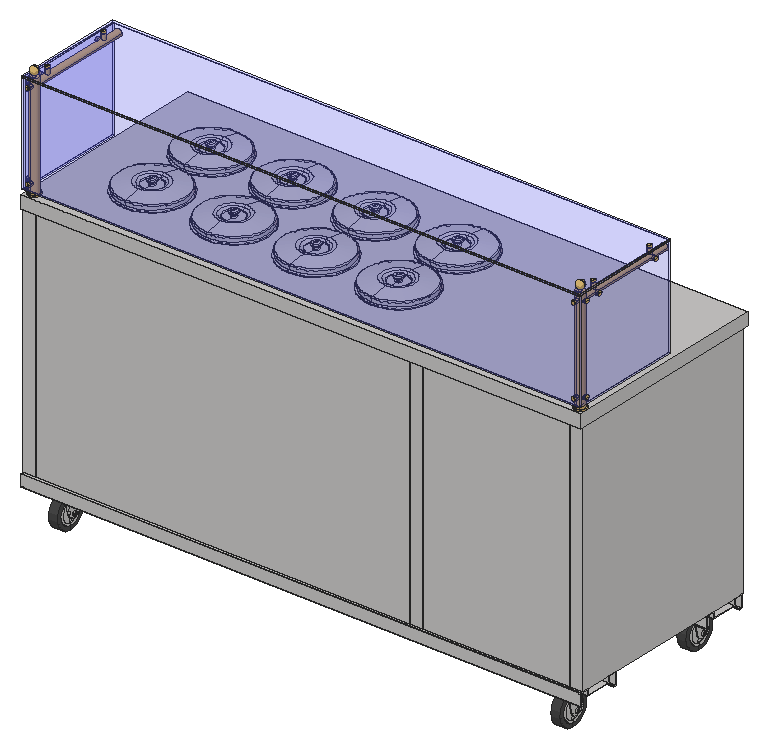
Revit family "Food-Service-Equipment_Oscartek_PPozzetti_PS8", category Specialty Equipment, Revit 2026
Family settings
  Round Connector Dimension = Use Diameter
  Part Type = Normal
  Classification Number = 23.40.40.11.17
  Work Plane-Based = No
  Enable Cutting in Views = No
  Always vertical = Yes
  Cut with Voids When Loaded = No
  Maintain Annotation Orientation = No
  Shared = No
  Room Calculation Point = No
Parameters
  Weight in Pounds = 519
  Watts = if(Phase = 3, Volts * FL Amps * 1.73, Volts * FL Amps)  # 862.5 W
  Waste Water Discharge Temperature = 0 °F
  Volts = 115 V
  URL Cutsheet = "www.oscartek.com"
  URL = "www.oscartek.com"
  Type Comments = "As Specified"
  Test Data = "http://www.oscartek.com/company/clients.php"
  Specification by User = ""
  Specification by Manufacturer = ""
  Specification = "https://www.arcat.com/arcatcos/cos48/arc48760.html"
  Show Sneeze Guard [instance] = yes
  Show Legs [instance] = not(Show Casters)  # no
  Show Casters [instance] = yes
  Serial Number = ""
  Seismic Rating = ""
  Sales Information = "http://www.oscartek.com/company/contact.php"
  SMACNA No = ""
  Revision Code = ""
  Revision = "R1_2018-10"
  Refrigerant Volume = 0.00 kip
  Refrigerant Type = "R404A"
  Product Data = "http://www.oscartek.com/support/manuals/"
  Phase = 1
  Number of Poles = 1
  NAFEM Spec ID Number = ""
  Model = "POZZETTI PS8"
  Min Ckt Ampacity = 0 A
  Max Overcurrent Protection = 0 A
  Masterspec = ""
  Manufacturer Website = "http://www.oscartek.com/index.php"
  Manufacturer Phone - Toll Free = "855-885-2400"
  Manufacturer Phone = "650-342-2400"
  Manufacturer Fax = "650-342-7400"
  Manufacturer Address = "361 Beach Rd., Burlingame, CA 94010"
  Manufacturer = "OSCARTEK"
  Length = 68.90"
  Item Number = ""
  Installed By = ""
  Installation-Fabrication = "http://www.oscartek.com/support/manuals/"
  Indirect Waste Size = 1/2"
  Indirect Waste Flow = 0 GPM
  Indirect Waste Connection Type = ""
  Indirect Waste Connection Height = 0.00"
  Identify Quantity as Lot = yes
  Height = 36.65347"
  HP = ""
  Green Building-LEED = "https://www.arcat.com/green/green_building.shtml"
  Furnished By = ""
  Foodservice Equipment Identifier = yes
  FL Amps = 7.5 A
  Elec Conn RI Height = 0.00"
  Elec Conn Connection Height = 0.00"
  Drawn By = "Sumex Design, Inc. / Robert S. Weygant, CSI, CDT, SCIP"
  Description = "POZZETTI WITH STORAGE (SELF CONTAINED)"
  Depth = 25.79"
  Default Elevation = 0.00"
  Cycle = 60 Hz
  Copyright = "©Arcat Inc."
  Construction Details = "http://www.oscartek.com/support/manuals/"
  Conn Plug = ""
  Conn Conduit = yes
  Category = ""
  CSI MasterFormat = "11 41 13"
  Building Codes = "https://www.arcat.com/arcatcos/cos48/arc48760.html"
  BTUH = 0.0 Btu/h
  Apparent Power = 0 VA
Reference planes (in)
  plane 1 "BACK": y = 0
  plane 2: z = 0
  plane 3 "LEFT": x = 0
  plane 4 "RIGHT": x = 68.9
  plane 5 "FRONT": y = -25.79
  plane 6 "TOP": z = 36.65347
  plane 7 "Center Y": x = 34.45
  plane 8 "Center X": y = -12.895
  plane 9: z = 4.37401
  plane 10: z = 50.65347
  plane 11: x = 65.35907
  plane 12: x = 64.86244
Forms (in)
  Extrusion 1, solid, material "QF_Metal - Stainless - Polished"
    sketch origin (0, 0, 0) x (0, 1, 0) y (0, 0, 1)
      loop
        line (0, 36.65347) -> (-25.79, 36.65347) -> (-25.79, 35.07867) -> (0, 35.07867) -> (0, 36.65347)
    from 0 to 68.9
  Extrusion 2, solid, material "QF_Metal - Stainless - Polished"
    sketch origin (0, 0, 0) x (0, 1, 0) y (0, 0, 1)
      loop
        line (-25.75344, 5.84644) -> (-24.73376, 5.84644) -> (-24.73376, 5.16928)
        arc (-24.73376, 5.16928) -> (-24.71416, 5.12196) -> (-24.66683, 5.10235) r 0.06693
        line (-24.66683, 5.10235) -> (-21.44601, 5.10235)
        arc (-21.44601, 5.10235) -> (-21.39894, 5.12185) -> (-21.37944, 5.16893) r 0.06658
        line (-21.37944, 5.16893) -> (-21.37944, 5.84644) -> (-20.35975, 5.84644) -> (-20.35975, 4.43306) -> (-20.72196, 4.43306) -> (-20.72196, 4.37401) -> (-20.36915, 4.37401)
        arc (-20.36915, 4.37401) -> (-20.32075, 4.39406) -> (-20.3007, 4.44246) r 0.06845
        line (-20.3007, 4.44246) -> (-20.3007, 5.84188)
        arc (-20.3007, 5.84188) -> (-20.31933, 5.88687) -> (-20.36432, 5.9055) r 0.06362
        line (-20.36432, 5.9055) -> (-21.37029, 5.9055)
        arc (-21.37029, 5.9055) -> (-21.41852, 5.88552) -> (-21.43849, 5.83729) r 0.06821
        line (-21.43849, 5.83729) -> (-21.43849, 5.16141) -> (-24.67471, 5.16141) -> (-24.67471, 5.83857)
        arc (-24.67471, 5.83857) -> (-24.69431, 5.8859) -> (-24.74164, 5.9055) r 0.06693
        line (-24.74164, 5.9055) -> (-25.74557, 5.9055)
        arc (-25.74557, 5.9055) -> (-25.7929, 5.8859) -> (-25.8125, 5.83857) r 0.06693
        line (-25.8125, 5.83857) -> (-25.8125, 4.43787)
        arc (-25.8125, 4.43787) -> (-25.7938, 4.39271) -> (-25.74864, 4.37401) r 0.06386
        line (-25.74864, 4.37401) -> (-25.39124, 4.37401) -> (-25.39124, 4.43306) -> (-25.75344, 4.43306) -> (-25.75344, 5.84644)
    from 0 to 68.9
  Extrusion 3, solid, material "QF_Metal - Stainless - Polished"
    sketch origin (0, -25.79, 0) x (0, -1, 0) y (0, 0, -1)
      loop
        line (-24.80029, -5.84644) -> (-24.80029, -4.43306) -> (-24.43808, -4.43306) -> (-24.43808, -4.37401) -> (-24.79548, -4.37401)
        arc (-24.79548, -4.37401) -> (-24.84064, -4.39271) -> (-24.85934, -4.43787) r 0.06386
        line (-24.85934, -4.43787) -> (-24.85934, -5.83857)
        arc (-24.85934, -5.83857) -> (-24.83974, -5.8859) -> (-24.79241, -5.9055) r 0.06693
        line (-24.79241, -5.9055) -> (-23.78848, -5.9055)
        arc (-23.78848, -5.9055) -> (-23.74115, -5.8859) -> (-23.72155, -5.83857) r 0.06693
        line (-23.72155, -5.83857) -> (-23.72155, -5.16141) -> (-20.48533, -5.16141) -> (-20.48533, -5.83729)
        arc (-20.48533, -5.83729) -> (-20.46536, -5.88552) -> (-20.41713, -5.9055) r 0.06821
        line (-20.41713, -5.9055) -> (-19.41116, -5.9055)
        arc (-19.41116, -5.9055) -> (-19.36617, -5.88687) -> (-19.34754, -5.84188) r 0.06362
        line (-19.34754, -5.84188) -> (-19.34754, -4.44246)
        arc (-19.34754, -4.44246) -> (-19.36759, -4.39406) -> (-19.41599, -4.37401) r 0.06845
        line (-19.41599, -4.37401) -> (-19.7688, -4.37401) -> (-19.7688, -4.43306) -> (-19.4066, -4.43306) -> (-19.4066, -5.84644) -> (-20.42628, -5.84644) -> (-20.42628, -5.16893)
        arc (-20.42628, -5.16893) -> (-20.44578, -5.12185) -> (-20.49285, -5.10235) r 0.06658
        line (-20.49285, -5.10235) -> (-23.71367, -5.10235)
        arc (-23.71367, -5.10235) -> (-23.761, -5.12196) -> (-23.7806, -5.16928) r 0.06693
        line (-23.7806, -5.16928) -> (-23.7806, -5.84644) -> (-24.80029, -5.84644)
    from 0 to 68.9
  Extrusion 4, solid, material "QF_Plastic - Black - Smooth"
    sketch origin (0, -0.81255, 35.07867) x (0, 0, -1) y (-1, 0, 0)
      loop
        line (6.11123, -62.86267) -> (6.11123, -53.70489) -> (5.324, -53.70489) -> (5.324, -62.86267) -> (6.11123, -62.86267)
      loop
        line (7.063, -62.86267) -> (7.063, -53.70489) -> (6.27577, -53.70489) -> (6.27577, -62.86267) -> (7.063, -62.86267)
      loop
        line (8.01477, -62.86267) -> (8.01477, -53.70489) -> (7.22754, -53.70489) -> (7.22754, -62.86267) -> (8.01477, -62.86267)
      loop
        line (8.96654, -62.86267) -> (8.96654, -53.70489) -> (8.17931, -53.70489) -> (8.17931, -62.86267) -> (8.96654, -62.86267)
      loop
        line (9.91831, -62.86267) -> (9.91831, -54.70489) -> (9.13108, -53.91766) -> (9.13108, -62.86267) -> (9.91831, -62.86267)
      loop
        line (10.87008, -62.86267) -> (10.87008, -55.65666) -> (10.08285, -54.86943) -> (10.08285, -62.86267) -> (10.87008, -62.86267)
      loop
        line (11.82185, -62.86267) -> (11.82185, -56.60843) -> (11.03462, -55.8212) -> (11.03462, -62.86267) -> (11.82185, -62.86267)
      loop
        line (22.06743, -63.67423) -> (22.06743, -52.94128) -> (21.2802, -52.94128) -> (21.2802, -63.67423) -> (22.06743, -63.67423)
      loop
        line (23.0192, -63.67423) -> (23.0192, -52.94128) -> (22.23197, -52.94128) -> (22.23197, -63.67423) -> (23.0192, -63.67423)
      loop
        line (23.97097, -63.67423) -> (23.97097, -52.94128) -> (23.18374, -52.94128) -> (23.18374, -63.67423) -> (23.97097, -63.67423)
      loop
        line (24.92274, -63.67423) -> (24.92274, -52.94128) -> (24.13551, -52.94128) -> (24.13551, -63.67423) -> (24.92274, -63.67423)
      loop
        line (25.87451, -63.67423) -> (25.87451, -52.94128) -> (25.08728, -52.94128) -> (25.08728, -63.67423) -> (25.87451, -63.67423)
      loop
        line (26.82628, -63.67423) -> (26.82628, -52.94128) -> (26.03905, -52.94128) -> (26.03905, -63.67423) -> (26.82628, -63.67423)
      loop
        line (27.77805, -63.67423) -> (27.77805, -52.94128) -> (26.99082, -52.94128) -> (26.99082, -63.67423) -> (27.77805, -63.67423)
      loop
        line (28.72982, -63.67423) -> (28.72982, -52.94128) -> (27.94259, -52.94128) -> (27.94259, -63.67423) -> (28.72982, -63.67423)
      loop
        line (19.21212, -63.67423) -> (19.21212, -54.78676) -> (18.42489, -55.57399) -> (18.42489, -63.67423) -> (19.21212, -63.67423)
      loop
        line (20.16389, -63.67423) -> (20.16389, -53.83499) -> (19.37666, -54.62222) -> (19.37666, -63.67423) -> (20.16389, -63.67423)
      loop
        line (21.11566, -63.67423) -> (21.11566, -52.88322) -> (20.32843, -53.67045) -> (20.32843, -63.67423) -> (21.11566, -63.67423)
    from 0 to 0.06
  Extrusion 5, solid, material "QF_Metal - Stainless - Polished"
    sketch origin (1.5748, 0, 35.07867) x (0, 0, -1) y (0, 1, 0)
      loop
        line (0, -25.4188) -> (29.17317, -25.4188) -> (29.17317, -23.8488) -> (0, -23.8488) -> (0, -25.4188)
      loop
        line (0, -0.81255) -> (0, -2.38255) -> (29.17317, -2.38255) -> (29.17317, -0.81255) -> (0, -0.81255)
    from 0 to 46.04322
  Extrusion 6, solid, material "QF_Metal - Stainless - Polished"
    sketch origin (0, 0, 0) x (1, 0, 0) y (0, 0, 1)
      loop
        line (0, 35.07867) -> (0, 5.9055) -> (1.5748, 5.9055) -> (1.5748, 35.07867) -> (0, 35.07867)
      loop
        line (68.9, 35.07867) -> (67.3252, 35.07867) -> (67.3252, 5.9055) -> (68.9, 5.9055) -> (68.9, 35.07867)
      loop
        line (49.2125, 35.07867) -> (47.61802, 35.07867) -> (47.61802, 5.9055) -> (49.2125, 5.9055) -> (49.2125, 35.07867)
    from 0.81255 to 25.4188
  Blend 7, solid, material "QF_Metal - Stainless - Polished", not visible
    base sketch origin (1.5748, -0.56255, 35.07867) x (0, 0, -1) y (-1, 0, 0)
      loop
        line (24.38762, -13.45273) -> (25.29732, -13.45273) -> (25.29732, -8.87006) -> (24.38762, -8.87006) -> (24.38762, -13.45273)
    top sketch origin (1.5748, -0.56255, 35.07867) x (0, 0, -1) y (-1, 0, 0)
      loop
        line (24.25582, -14.78344) -> (25.47516, -14.78344)
        arc (25.47516, -14.78344) -> (25.5751, -14.74204) -> (25.6165, -14.6421) r 0.14133
        line (25.6165, -14.6421) -> (25.6165, -7.64149)
        arc (25.6165, -7.64149) -> (25.58658, -7.56927) -> (25.51436, -7.53935) r 0.10214
        line (25.51436, -7.53935) -> (24.26614, -7.53935)
        arc (24.26614, -7.53935) -> (24.19557, -7.56858) -> (24.16634, -7.63915) r 0.0998
        line (24.16634, -7.63915) -> (24.16634, -14.69396)
        arc (24.16634, -14.69396) -> (24.19255, -14.75723) -> (24.25582, -14.78344) r 0.08948
    from 0 to -0.25
  Extrusion 8, solid, material "QF_Plastic - Black - Smooth", not visible
    sketch origin (19.685, -0.56255, 35.07867) x (0, 0, -1) y (-1, 0, 0)
      loop
        line (24.38762, 6.75975) -> (25.29732, 6.75975) -> (25.29732, 9.24014) -> (24.38762, 9.24014) -> (24.38762, 6.75975)
      loop
        line (24.78346, 6.88188) -> (24.78346, 7.40943) -> (24.4112, 7.40943) -> (24.4112, 6.88188) -> (24.78346, 6.88188)
      loop
        line (24.78346, 7.49211) -> (24.78346, 8.01967) -> (24.4112, 8.01967) -> (24.4112, 7.49211) -> (24.78346, 7.49211)
      loop
        line (24.78346, 8.10234) -> (24.78346, 8.6299) -> (24.4112, 8.6299) -> (24.4112, 8.10234) -> (24.78346, 8.10234)
      loop
        line (24.78346, 8.68478) -> (24.78346, 9.21234) -> (24.4112, 9.21234) -> (24.4112, 8.68478) -> (24.78346, 8.68478)
      loop
        line (25.27827, 6.88188) -> (25.27827, 7.40943) -> (24.90601, 7.40943) -> (24.90601, 6.88188) -> (25.27827, 6.88188)
      loop
        line (25.27827, 7.49211) -> (25.27827, 8.01967) -> (24.90601, 8.01967) -> (24.90601, 7.49211) -> (25.27827, 7.49211)
      loop
        line (25.27827, 8.10234) -> (25.27827, 8.6299) -> (24.90601, 8.6299) -> (24.90601, 8.10234) -> (25.27827, 8.10234)
      loop
        line (25.27827, 8.68478) -> (25.27827, 9.21234) -> (24.90601, 9.21234) -> (24.90601, 8.68478) -> (25.27827, 8.68478)
    from 0 to 0.06
  Extrusion 9, solid, material "Glass", not visible
    sketch origin (19.685, -0.56255, 35.07867) x (0, 0, -1) y (-1, 0, 0)
      loop
        line (24.38762, 4.65747) -> (25.29732, 4.65747) -> (25.29732, 6.75975) -> (24.38762, 6.75975) -> (24.38762, 4.65747)
    from 0 to 0.06
  Extrusion 10, solid, material "QF_Metal - Stainless - Polished", not visible
    sketch origin (19.685, -0.56255, 35.07867) x (0, 0, -1) y (-1, 0, 0)
      loop
        line (24.78346, 6.88188) -> (24.78346, 7.40943) -> (24.4112, 7.40943) -> (24.4112, 6.88188) -> (24.78346, 6.88188)
      loop
        line (24.78346, 7.49211) -> (24.78346, 8.01967) -> (24.4112, 8.01967) -> (24.4112, 7.49211) -> (24.78346, 7.49211)
      loop
        line (24.78346, 8.10234) -> (24.78346, 8.6299) -> (24.4112, 8.6299) -> (24.4112, 8.10234) -> (24.78346, 8.10234)
      loop
        line (24.78346, 8.68478) -> (24.78346, 9.21234) -> (24.4112, 9.21234) -> (24.4112, 8.68478) -> (24.78346, 8.68478)
      loop
        line (25.27827, 6.88188) -> (25.27827, 7.40943) -> (24.90601, 7.40943) -> (24.90601, 6.88188) -> (25.27827, 6.88188)
      loop
        line (25.27827, 7.49211) -> (25.27827, 8.01967) -> (24.90601, 8.01967) -> (24.90601, 7.49211) -> (25.27827, 7.49211)
      loop
        line (25.27827, 8.10234) -> (25.27827, 8.6299) -> (24.90601, 8.6299) -> (24.90601, 8.10234) -> (25.27827, 8.10234)
      loop
        line (25.27827, 8.68478) -> (25.27827, 9.21234) -> (24.90601, 9.21234) -> (24.90601, 8.68478) -> (25.27827, 8.68478)
    from 0 to 0.06
  Extrusion 11, solid, material "QF_Metal - Stainless - Polished"
    sketch origin (67.3252, 0, 5.9055) x (0, -1, 0) y (-1, 0, 0)
      loop
        circle (21.7404, 40.77586) r 0.69
      loop
        circle (21.7404, 42.27586) r 0.59055
      loop
        circle (12.92899, 23.03251) r 0.64961
    from 0 to 0.25
  Extrusion 12, solid, material "QF_Metal - Stainless - Polished"
    sketch origin (55.88071, 0, 35.07867) x (0, 0, -1) y (0, -1, 0)
      loop
        line (0, 25.4188) -> (0, 23.8488) -> (29.17317, 23.8488) -> (29.17317, 25.4188) -> (0, 25.4188)
      loop
        line (0, 0.81255) -> (29.17317, 0.81255) -> (29.17317, 2.38255) -> (0, 2.38255) -> (0, 0.81255)
    from -11.44449 to 6.66821
  Revolve 13, solid, material "QF_Metal - Stainless - Polished"
    sketch origin (9.52596, -32.60166, 48) x (0, -1, 0) y (0, 0, -1)
      loop
        line (-24.274, 9.78644) -> (-24.274, 11.34653) -> (-28.52581, 11.34653) -> (-28.52581, 11.25062)
        arc (-28.52581, 11.25062) -> (-28.48148, 11.15381) -> (-28.37922, 11.12412) r 0.12788
        line (-28.37922, 11.12412) -> (-28.37922, 10.68909)
        arc (-28.37922, 10.68909) -> (-28.35573, 10.62456) -> (-28.29626, 10.59022) r 0.10039
        line (-28.29626, 10.59022) -> (-26.25566, 10.23042)
        arc (-26.25566, 10.23042) -> (-26.06652, 10.23455) -> (-25.89334, 10.31074) r 0.48492
        line (-25.89334, 10.31074) -> (-25.59574, 10.5191)
        arc (-25.59574, 10.5191) -> (-25.56282, 10.53533) -> (-25.52654, 10.54091) r 0.12066
        line (-25.52654, 10.54091) -> (-24.6152, 10.54091)
        arc (-24.6152, 10.54091) -> (-24.54194, 10.51057) -> (-24.51159, 10.4373) r 0.10361
        line (-24.51159, 10.4373) -> (-24.51159, 10.28122)
        arc (-24.51159, 10.28122) -> (-24.52633, 10.23067) -> (-24.56594, 10.19597) r 0.09403
        line (-24.56594, 10.19597) -> (-24.75443, 10.10823)
        arc (-24.75443, 10.10823) -> (-24.79272, 10.07469) -> (-24.80698, 10.02582) r 0.09091
        line (-24.80698, 10.02582) -> (-24.80698, 9.98805)
        arc (-24.80698, 9.98805) -> (-24.79119, 9.93395) -> (-24.7488, 9.89681) r 0.10064
        line (-24.7488, 9.89681) -> (-24.5332, 9.79648)
        arc (-24.5332, 9.79648) -> (-24.51107, 9.78898) -> (-24.48784, 9.78644) r 0.10753
        line (-24.48784, 9.78644) -> (-24.274, 9.78644)
      axis (-24.274, 11.34653) -> (-24.274, 9.78644)
    angle from 0 to 360
  Revolve 14, solid, material "QF_Metal - Stainless - Polished"
    sketch origin (19.54068, 6.99916, 48) x (0, 1, 0) y (0, 0, 1)
      loop
        line (-24.39607, -9.78644) -> (-24.60991, -9.78644)
        arc (-24.60991, -9.78644) -> (-24.63314, -9.78898) -> (-24.65527, -9.79648) r 0.10753
        line (-24.65527, -9.79648) -> (-24.87087, -9.89681)
        arc (-24.87087, -9.89681) -> (-24.91326, -9.93395) -> (-24.92905, -9.98805) r 0.10064
        line (-24.92905, -9.98805) -> (-24.92905, -10.02582)
        arc (-24.92905, -10.02582) -> (-24.91479, -10.07469) -> (-24.8765, -10.10823) r 0.09091
        line (-24.8765, -10.10823) -> (-24.68801, -10.19597)
        arc (-24.68801, -10.19597) -> (-24.6484, -10.23067) -> (-24.63366, -10.28122) r 0.09403
        line (-24.63366, -10.28122) -> (-24.63366, -10.4373)
        arc (-24.63366, -10.4373) -> (-24.66401, -10.51057) -> (-24.73727, -10.54091) r 0.10361
        line (-24.73727, -10.54091) -> (-25.64861, -10.54091)
        arc (-25.64861, -10.54091) -> (-25.68489, -10.53533) -> (-25.71781, -10.5191) r 0.12066
        line (-25.71781, -10.5191) -> (-26.01541, -10.31074)
        arc (-26.01541, -10.31074) -> (-26.18859, -10.23455) -> (-26.37773, -10.23042) r 0.48492
        line (-26.37773, -10.23042) -> (-28.41833, -10.59022)
        arc (-28.41833, -10.59022) -> (-28.4778, -10.62456) -> (-28.50129, -10.68909) r 0.10039
        line (-28.50129, -10.68909) -> (-28.50129, -11.12412)
        arc (-28.50129, -11.12412) -> (-28.60355, -11.15381) -> (-28.64788, -11.25062) r 0.12788
        line (-28.64788, -11.25062) -> (-28.64788, -11.34653) -> (-24.39607, -11.34653) -> (-24.39607, -9.78644)
      axis (-24.39607, -11.34653) -> (-24.39607, -9.78644)
    angle from 0 to 360
  Revolve 15, solid, material "QF_Metal - Stainless - Polished"
    sketch origin (19.54068, -32.60166, 48) x (0, -1, 0) y (0, 0, -1)
      loop
        line (-24.274, 9.78644) -> (-24.274, 11.34653) -> (-28.52581, 11.34653) -> (-28.52581, 11.25062)
        arc (-28.52581, 11.25062) -> (-28.48148, 11.15381) -> (-28.37922, 11.12412) r 0.12788
        line (-28.37922, 11.12412) -> (-28.37922, 10.68909)
        arc (-28.37922, 10.68909) -> (-28.35573, 10.62456) -> (-28.29626, 10.59022) r 0.10039
        line (-28.29626, 10.59022) -> (-26.25566, 10.23042)
        arc (-26.25566, 10.23042) -> (-26.06652, 10.23455) -> (-25.89334, 10.31074) r 0.48492
        line (-25.89334, 10.31074) -> (-25.59574, 10.5191)
        arc (-25.59574, 10.5191) -> (-25.56282, 10.53533) -> (-25.52654, 10.54091) r 0.12066
        line (-25.52654, 10.54091) -> (-24.6152, 10.54091)
        arc (-24.6152, 10.54091) -> (-24.54194, 10.51057) -> (-24.51159, 10.4373) r 0.10361
        line (-24.51159, 10.4373) -> (-24.51159, 10.28122)
        arc (-24.51159, 10.28122) -> (-24.52633, 10.23067) -> (-24.56594, 10.19597) r 0.09403
        line (-24.56594, 10.19597) -> (-24.75443, 10.10823)
        arc (-24.75443, 10.10823) -> (-24.79272, 10.07469) -> (-24.80698, 10.02582) r 0.09091
        line (-24.80698, 10.02582) -> (-24.80698, 9.98805)
        arc (-24.80698, 9.98805) -> (-24.79119, 9.93395) -> (-24.7488, 9.89681) r 0.10064
        line (-24.7488, 9.89681) -> (-24.5332, 9.79648)
        arc (-24.5332, 9.79648) -> (-24.51107, 9.78898) -> (-24.48784, 9.78644) r 0.10753
        line (-24.48784, 9.78644) -> (-24.274, 9.78644)
      axis (-24.274, 11.34653) -> (-24.274, 9.78644)
    angle from 0 to 360
  Revolve 16, solid, material "QF_Metal - Stainless - Polished"
    sketch origin (9.48884, 6.99916, 48) x (0, 1, 0) y (0, 0, 1)
      loop
        line (-24.39607, -9.78644) -> (-24.60991, -9.78644)
        arc (-24.60991, -9.78644) -> (-24.63314, -9.78898) -> (-24.65527, -9.79648) r 0.10753
        line (-24.65527, -9.79648) -> (-24.87087, -9.89681)
        arc (-24.87087, -9.89681) -> (-24.91326, -9.93395) -> (-24.92905, -9.98805) r 0.10064
        line (-24.92905, -9.98805) -> (-24.92905, -10.02582)
        arc (-24.92905, -10.02582) -> (-24.91479, -10.07469) -> (-24.8765, -10.10823) r 0.09091
        line (-24.8765, -10.10823) -> (-24.68801, -10.19597)
        arc (-24.68801, -10.19597) -> (-24.6484, -10.23067) -> (-24.63366, -10.28122) r 0.09403
        line (-24.63366, -10.28122) -> (-24.63366, -10.4373)
        arc (-24.63366, -10.4373) -> (-24.66401, -10.51057) -> (-24.73727, -10.54091) r 0.10361
        line (-24.73727, -10.54091) -> (-25.64861, -10.54091)
        arc (-25.64861, -10.54091) -> (-25.68489, -10.53533) -> (-25.71781, -10.5191) r 0.12066
        line (-25.71781, -10.5191) -> (-26.01541, -10.31074)
        arc (-26.01541, -10.31074) -> (-26.18859, -10.23455) -> (-26.37773, -10.23042) r 0.48492
        line (-26.37773, -10.23042) -> (-28.41833, -10.59022)
        arc (-28.41833, -10.59022) -> (-28.4778, -10.62456) -> (-28.50129, -10.68909) r 0.10039
        line (-28.50129, -10.68909) -> (-28.50129, -11.12412)
        arc (-28.50129, -11.12412) -> (-28.60355, -11.15381) -> (-28.64788, -11.25062) r 0.12788
        line (-28.64788, -11.25062) -> (-28.64788, -11.34653) -> (-24.39607, -11.34653) -> (-24.39607, -9.78644)
      axis (-24.39607, -11.34653) -> (-24.39607, -9.78644)
    angle from 0 to 360
  Blend 17, solid, material "QF_Metal - Stainless - Polished"
    base sketch origin (47.09522, -0.56255, 58.04373) x (0, 0, -1) y (-1, 0, 0)
      loop
        line (24.38762, -13.45273) -> (25.29732, -13.45273) -> (25.29732, -8.87006) -> (24.38762, -8.87006) -> (24.38762, -13.45273)
    top sketch origin (47.09522, -0.56255, 58.04373) x (0, 0, -1) y (-1, 0, 0)
      loop
        line (24.25582, -14.78344) -> (25.47516, -14.78344)
        arc (25.47516, -14.78344) -> (25.5751, -14.74204) -> (25.6165, -14.6421) r 0.14133
        line (25.6165, -14.6421) -> (25.6165, -7.64149)
        arc (25.6165, -7.64149) -> (25.58658, -7.56927) -> (25.51436, -7.53935) r 0.10214
        line (25.51436, -7.53935) -> (24.26614, -7.53935)
        arc (24.26614, -7.53935) -> (24.19557, -7.56858) -> (24.16634, -7.63915) r 0.0998
        line (24.16634, -7.63915) -> (24.16634, -14.69396)
        arc (24.16634, -14.69396) -> (24.19255, -14.75723) -> (24.25582, -14.78344) r 0.08948
    from 0 to -0.25
  Extrusion 18, solid, material "QF_Plastic - Black - Smooth"
    sketch origin (65.20542, -0.56255, 58.04373) x (0, 0, -1) y (-1, 0, 0)
      loop
        line (24.38762, 6.75975) -> (25.29732, 6.75975) -> (25.29732, 9.24014) -> (24.38762, 9.24014) -> (24.38762, 6.75975)
      loop
        line (24.78346, 6.88188) -> (24.78346, 7.40943) -> (24.4112, 7.40943) -> (24.4112, 6.88188) -> (24.78346, 6.88188)
      loop
        line (24.78346, 7.49211) -> (24.78346, 8.01967) -> (24.4112, 8.01967) -> (24.4112, 7.49211) -> (24.78346, 7.49211)
      loop
        line (24.78346, 8.10234) -> (24.78346, 8.6299) -> (24.4112, 8.6299) -> (24.4112, 8.10234) -> (24.78346, 8.10234)
      loop
        line (24.78346, 8.68478) -> (24.78346, 9.21234) -> (24.4112, 9.21234) -> (24.4112, 8.68478) -> (24.78346, 8.68478)
      loop
        line (25.27827, 6.88188) -> (25.27827, 7.40943) -> (24.90601, 7.40943) -> (24.90601, 6.88188) -> (25.27827, 6.88188)
      loop
        line (25.27827, 7.49211) -> (25.27827, 8.01967) -> (24.90601, 8.01967) -> (24.90601, 7.49211) -> (25.27827, 7.49211)
      loop
        line (25.27827, 8.10234) -> (25.27827, 8.6299) -> (24.90601, 8.6299) -> (24.90601, 8.10234) -> (25.27827, 8.10234)
      loop
        line (25.27827, 8.68478) -> (25.27827, 9.21234) -> (24.90601, 9.21234) -> (24.90601, 8.68478) -> (25.27827, 8.68478)
    from 0 to 0.06
  Extrusion 19, solid, material "Glass"
    sketch origin (65.20542, -0.56255, 58.04373) x (0, 0, -1) y (-1, 0, 0)
      loop
        line (24.38762, 4.65747) -> (25.29732, 4.65747) -> (25.29732, 6.75975) -> (24.38762, 6.75975) -> (24.38762, 4.65747)
    from 0 to 0.06
  Extrusion 20, solid, material "QF_Metal - Stainless - Polished"
    sketch origin (65.20542, -0.56255, 58.04373) x (0, 0, -1) y (-1, 0, 0)
      loop
        line (24.78346, 6.88188) -> (24.78346, 7.40943) -> (24.4112, 7.40943) -> (24.4112, 6.88188) -> (24.78346, 6.88188)
      loop
        line (24.78346, 7.49211) -> (24.78346, 8.01967) -> (24.4112, 8.01967) -> (24.4112, 7.49211) -> (24.78346, 7.49211)
      loop
        line (24.78346, 8.10234) -> (24.78346, 8.6299) -> (24.4112, 8.6299) -> (24.4112, 8.10234) -> (24.78346, 8.10234)
      loop
        line (24.78346, 8.68478) -> (24.78346, 9.21234) -> (24.4112, 9.21234) -> (24.4112, 8.68478) -> (24.78346, 8.68478)
      loop
        line (25.27827, 6.88188) -> (25.27827, 7.40943) -> (24.90601, 7.40943) -> (24.90601, 6.88188) -> (25.27827, 6.88188)
      loop
        line (25.27827, 7.49211) -> (25.27827, 8.01967) -> (24.90601, 8.01967) -> (24.90601, 7.49211) -> (25.27827, 7.49211)
      loop
        line (25.27827, 8.10234) -> (25.27827, 8.6299) -> (24.90601, 8.6299) -> (24.90601, 8.10234) -> (25.27827, 8.10234)
      loop
        line (25.27827, 8.68478) -> (25.27827, 9.21234) -> (24.90601, 9.21234) -> (24.90601, 8.68478) -> (25.27827, 8.68478)
    from 0 to 0.06
  Revolve 21, solid, material "QF_Metal - Stainless - Polished"
    sketch origin (39.81038, 6.99916, 48) x (0, 1, 0) y (0, 0, 1)
      loop
        line (-24.39607, -9.78644) -> (-24.60991, -9.78644)
        arc (-24.60991, -9.78644) -> (-24.63314, -9.78898) -> (-24.65527, -9.79648) r 0.10753
        line (-24.65527, -9.79648) -> (-24.87087, -9.89681)
        arc (-24.87087, -9.89681) -> (-24.91326, -9.93395) -> (-24.92905, -9.98805) r 0.10064
        line (-24.92905, -9.98805) -> (-24.92905, -10.02582)
        arc (-24.92905, -10.02582) -> (-24.91479, -10.07469) -> (-24.8765, -10.10823) r 0.09091
        line (-24.8765, -10.10823) -> (-24.68801, -10.19597)
        arc (-24.68801, -10.19597) -> (-24.6484, -10.23067) -> (-24.63366, -10.28122) r 0.09403
        line (-24.63366, -10.28122) -> (-24.63366, -10.4373)
        arc (-24.63366, -10.4373) -> (-24.66401, -10.51057) -> (-24.73727, -10.54091) r 0.10361
        line (-24.73727, -10.54091) -> (-25.64861, -10.54091)
        arc (-25.64861, -10.54091) -> (-25.68489, -10.53533) -> (-25.71781, -10.5191) r 0.12066
        line (-25.71781, -10.5191) -> (-26.01541, -10.31074)
        arc (-26.01541, -10.31074) -> (-26.18859, -10.23455) -> (-26.37773, -10.23042) r 0.48492
        line (-26.37773, -10.23042) -> (-28.41833, -10.59022)
        arc (-28.41833, -10.59022) -> (-28.4778, -10.62456) -> (-28.50129, -10.68909) r 0.10039
        line (-28.50129, -10.68909) -> (-28.50129, -11.12412)
        arc (-28.50129, -11.12412) -> (-28.60355, -11.15381) -> (-28.64788, -11.25062) r 0.12788
        line (-28.64788, -11.25062) -> (-28.64788, -11.34653) -> (-24.39607, -11.34653) -> (-24.39607, -9.78644)
      axis (-24.39607, -11.34653) -> (-24.39607, -9.78644)
    angle from 0 to 360
  Revolve 22, solid, material "QF_Metal - Stainless - Polished"
    sketch origin (39.81038, -32.60166, 48) x (0, -1, 0) y (0, 0, -1)
      loop
        line (-24.274, 9.78644) -> (-24.274, 11.34653) -> (-28.52581, 11.34653) -> (-28.52581, 11.25062)
        arc (-28.52581, 11.25062) -> (-28.48148, 11.15381) -> (-28.37922, 11.12412) r 0.12788
        line (-28.37922, 11.12412) -> (-28.37922, 10.68909)
        arc (-28.37922, 10.68909) -> (-28.35573, 10.62456) -> (-28.29626, 10.59022) r 0.10039
        line (-28.29626, 10.59022) -> (-26.25566, 10.23042)
        arc (-26.25566, 10.23042) -> (-26.06652, 10.23455) -> (-25.89334, 10.31074) r 0.48492
        line (-25.89334, 10.31074) -> (-25.59574, 10.5191)
        arc (-25.59574, 10.5191) -> (-25.56282, 10.53533) -> (-25.52654, 10.54091) r 0.12066
        line (-25.52654, 10.54091) -> (-24.6152, 10.54091)
        arc (-24.6152, 10.54091) -> (-24.54194, 10.51057) -> (-24.51159, 10.4373) r 0.10361
        line (-24.51159, 10.4373) -> (-24.51159, 10.28122)
        arc (-24.51159, 10.28122) -> (-24.52633, 10.23067) -> (-24.56594, 10.19597) r 0.09403
        line (-24.56594, 10.19597) -> (-24.75443, 10.10823)
        arc (-24.75443, 10.10823) -> (-24.79272, 10.07469) -> (-24.80698, 10.02582) r 0.09091
        line (-24.80698, 10.02582) -> (-24.80698, 9.98805)
        arc (-24.80698, 9.98805) -> (-24.79119, 9.93395) -> (-24.7488, 9.89681) r 0.10064
        line (-24.7488, 9.89681) -> (-24.5332, 9.79648)
        arc (-24.5332, 9.79648) -> (-24.51107, 9.78898) -> (-24.48784, 9.78644) r 0.10753
        line (-24.48784, 9.78644) -> (-24.274, 9.78644)
      axis (-24.274, 11.34653) -> (-24.274, 9.78644)
    angle from 0 to 360
  Revolve 23, solid, material "QF_Metal - Stainless - Polished"
    sketch origin (29.66447, 6.99916, 48) x (0, 1, 0) y (0, 0, 1)
      loop
        line (-24.39607, -9.78644) -> (-24.60991, -9.78644)
        arc (-24.60991, -9.78644) -> (-24.63314, -9.78898) -> (-24.65527, -9.79648) r 0.10753
        line (-24.65527, -9.79648) -> (-24.87087, -9.89681)
        arc (-24.87087, -9.89681) -> (-24.91326, -9.93395) -> (-24.92905, -9.98805) r 0.10064
        line (-24.92905, -9.98805) -> (-24.92905, -10.02582)
        arc (-24.92905, -10.02582) -> (-24.91479, -10.07469) -> (-24.8765, -10.10823) r 0.09091
        line (-24.8765, -10.10823) -> (-24.68801, -10.19597)
        arc (-24.68801, -10.19597) -> (-24.6484, -10.23067) -> (-24.63366, -10.28122) r 0.09403
        line (-24.63366, -10.28122) -> (-24.63366, -10.4373)
        arc (-24.63366, -10.4373) -> (-24.66401, -10.51057) -> (-24.73727, -10.54091) r 0.10361
        line (-24.73727, -10.54091) -> (-25.64861, -10.54091)
        arc (-25.64861, -10.54091) -> (-25.68489, -10.53533) -> (-25.71781, -10.5191) r 0.12066
        line (-25.71781, -10.5191) -> (-26.01541, -10.31074)
        arc (-26.01541, -10.31074) -> (-26.18859, -10.23455) -> (-26.37773, -10.23042) r 0.48492
        line (-26.37773, -10.23042) -> (-28.41833, -10.59022)
        arc (-28.41833, -10.59022) -> (-28.4778, -10.62456) -> (-28.50129, -10.68909) r 0.10039
        line (-28.50129, -10.68909) -> (-28.50129, -11.12412)
        arc (-28.50129, -11.12412) -> (-28.60355, -11.15381) -> (-28.64788, -11.25062) r 0.12788
        line (-28.64788, -11.25062) -> (-28.64788, -11.34653) -> (-24.39607, -11.34653) -> (-24.39607, -9.78644)
      axis (-24.39607, -11.34653) -> (-24.39607, -9.78644)
    angle from 0 to 360
  Revolve 24, solid, material "QF_Metal - Stainless - Polished"
    sketch origin (29.66447, -32.60166, 48) x (0, -1, 0) y (0, 0, -1)
      loop
        line (-24.274, 9.78644) -> (-24.274, 11.34653) -> (-28.52581, 11.34653) -> (-28.52581, 11.25062)
        arc (-28.52581, 11.25062) -> (-28.48148, 11.15381) -> (-28.37922, 11.12412) r 0.12788
        line (-28.37922, 11.12412) -> (-28.37922, 10.68909)
        arc (-28.37922, 10.68909) -> (-28.35573, 10.62456) -> (-28.29626, 10.59022) r 0.10039
        line (-28.29626, 10.59022) -> (-26.25566, 10.23042)
        arc (-26.25566, 10.23042) -> (-26.06652, 10.23455) -> (-25.89334, 10.31074) r 0.48492
        line (-25.89334, 10.31074) -> (-25.59574, 10.5191)
        arc (-25.59574, 10.5191) -> (-25.56282, 10.53533) -> (-25.52654, 10.54091) r 0.12066
        line (-25.52654, 10.54091) -> (-24.6152, 10.54091)
        arc (-24.6152, 10.54091) -> (-24.54194, 10.51057) -> (-24.51159, 10.4373) r 0.10361
        line (-24.51159, 10.4373) -> (-24.51159, 10.28122)
        arc (-24.51159, 10.28122) -> (-24.52633, 10.23067) -> (-24.56594, 10.19597) r 0.09403
        line (-24.56594, 10.19597) -> (-24.75443, 10.10823)
        arc (-24.75443, 10.10823) -> (-24.79272, 10.07469) -> (-24.80698, 10.02582) r 0.09091
        line (-24.80698, 10.02582) -> (-24.80698, 9.98805)
        arc (-24.80698, 9.98805) -> (-24.79119, 9.93395) -> (-24.7488, 9.89681) r 0.10064
        line (-24.7488, 9.89681) -> (-24.5332, 9.79648)
        arc (-24.5332, 9.79648) -> (-24.51107, 9.78898) -> (-24.48784, 9.78644) r 0.10753
        line (-24.48784, 9.78644) -> (-24.274, 9.78644)
      axis (-24.274, 11.34653) -> (-24.274, 9.78644)
    angle from 0 to 360
  Extrusion 25, solid, material "QF_Metal - Stainless - Polished"
    sketch origin (0, 0, 0) x (0, 1, 0) y (0, 0, 1)
      loop
        line (-23.8488, 5.9055) -> (-2.38255, 5.9055) -> (-2.38255, 6.4055) -> (-23.8488, 6.4055) -> (-23.8488, 5.9055)
    from 1.5748 to 67.3252
Lines and regions (in)
  symbolic lines
    curve 1: line (0, 0, 0) -> (68.9, 0, 0)
    curve 2: line (0, -25.79, 0) -> (0, 0, 0)
    curve 3: line (68.9, -25.79, 0) -> (0, -25.79, 0)
    curve 4: line (68.9, 0, 0) -> (68.9, -25.79, 0)
  symbolic lines, style "QF-Surface Details"
    curve 5: circle (9.52729, -17.39692, 0) r 4.25181 normal (0, 0, 1)
    curve 6: circle (9.52729, -17.39692, 0) r 4.10522 normal (0, 0, 1)
    curve 7: circle (9.52729, -17.39835, 0) r 0.54261 normal (0, 0, 1)
    curve 8: circle (9.52729, -17.39733, 0) r 0.23688 normal (0, 0, 1)
    curve 9: circle (9.52729, -8.34621, 0) r 4.25181 normal (0, 0, -1)
    curve 10: circle (9.52729, -8.34621, 0) r 4.10522 normal (0, 0, -1)
    curve 11: circle (9.52729, -8.32915, 0) r 0.54261 normal (0, 0, -1)
    curve 12: circle (9.52729, -8.33017, 0) r 0.23688 normal (0, 0, -1)
    curve 13: circle (29.69757, -17.39692, 0) r 4.25181 normal (0, 0, 1)
    curve 14: circle (29.69757, -17.39692, 0) r 4.10522 normal (0, 0, 1)
    curve 15: circle (29.69757, -17.39835, 0) r 0.54261 normal (0, 0, 1)
    curve 16: circle (29.69757, -17.39733, 0) r 0.23688 normal (0, 0, 1)
    curve 17: circle (29.69757, -8.33058, 0) r 4.25181 normal (0, 0, -1)
    curve 18: circle (29.69757, -8.33058, 0) r 4.10522 normal (0, 0, -1)
    curve 19: circle (29.69757, -8.31353, 0) r 0.54261 normal (0, 0, -1)
    curve 20: circle (29.69757, -8.31455, 0) r 0.23688 normal (0, 0, -1)
    curve 21: circle (19.52257, -17.39692, 0) r 4.25181 normal (0, 0, 1)
    curve 22: circle (19.52257, -17.39692, 0) r 4.10522 normal (0, 0, 1)
    curve 23: circle (19.52257, -17.39835, 0) r 0.54261 normal (0, 0, 1)
    curve 24: circle (19.52257, -17.39733, 0) r 0.23688 normal (0, 0, 1)
    curve 25: circle (19.52257, -8.34621, 0) r 4.25181 normal (0, 0, -1)
    curve 26: circle (19.52257, -8.34621, 0) r 4.10522 normal (0, 0, -1)
    curve 27: circle (19.52257, -8.32915, 0) r 0.54261 normal (0, 0, -1)
    curve 28: circle (19.52257, -8.33017, 0) r 0.23688 normal (0, 0, -1)
    curve 29: circle (39.84348, -17.39692, 0) r 4.25181 normal (0, 0, 1)
    curve 30: circle (39.84348, -17.39692, 0) r 4.10522 normal (0, 0, 1)
    curve 31: circle (39.84348, -17.39835, 0) r 0.54261 normal (0, 0, 1)
    curve 32: circle (39.84348, -17.39733, 0) r 0.23688 normal (0, 0, 1)
    curve 33: circle (39.84348, -8.33058, 0) r 4.25181 normal (0, 0, -1)
    curve 34: circle (39.84348, -8.33058, 0) r 4.10522 normal (0, 0, -1)
    curve 35: circle (39.84348, -8.31353, 0) r 0.54261 normal (0, 0, -1)
    curve 36: circle (39.84348, -8.31455, 0) r 0.23688 normal (0, 0, -1)
    curve 37: circle (9.52729, -8.32915, 0) r 2 normal (0, 0, 1)
    curve 38: circle (9.52729, -8.32915, 0) r 1.5 normal (0, 0, 1)
    curve 39: circle (9.52729, -17.39835, 0) r 2 normal (0, 0, 1)
    curve 40: circle (9.52729, -17.39835, 0) r 1.5 normal (0, 0, 1)
    curve 41: circle (19.52257, -8.32915, 0) r 2 normal (0, 0, 1)
    curve 42: circle (19.52257, -8.32915, 0) r 1.5 normal (0, 0, 1)
    curve 43: circle (19.52257, -17.39835, 0) r 2 normal (0, 0, 1)
    curve 44: circle (19.52257, -17.39835, 0) r 1.5 normal (0, 0, 1)
    curve 45: circle (29.69757, -8.32915, 0) r 2 normal (0, 0, 1)
    curve 46: circle (29.69757, -8.32915, 0) r 1.5 normal (0, 0, 1)
    curve 47: circle (29.69757, -17.39835, 0) r 2 normal (0, 0, 1)
    curve 48: circle (29.69757, -17.39835, 0) r 1.5 normal (0, 0, 1)
    curve 49: circle (39.84348, -8.32915, 0) r 2 normal (0, 0, 1)
    curve 50: circle (39.84348, -8.32915, 0) r 1.5 normal (0, 0, 1)
    curve 51: circle (39.84348, -17.39835, 0) r 2 normal (0, 0, 1)
    curve 52: circle (39.84348, -17.39835, 0) r 1.5 normal (0, 0, 1)
Dimensions and locks (in)
  equal spacing: plane 3 "LEFT", plane 7 "Center Y", plane 4 "RIGHT"
  "Length": plane 3 "LEFT" to plane 4 "RIGHT"
  equal spacing: plane 5 "FRONT", plane 8 "Center X", plane 1 "BACK"
  "Depth": plane 5 "FRONT" to plane 1 "BACK"
  "Height": plane 6 "TOP" to level
  plane 5 "FRONT" to plane 1 "BACK" = 25.79"
  plane 6 "TOP" to plane 2 = 36.65347"
  plane 2 to plane 9 = 4.37401"
  plane 9 to plane 2 = 4.37401"
  plane 10 to plane 6 "TOP" = 14.00"
  locked: plane 11 to plane 4 "RIGHT" at 3.54093
  plane 5 "FRONT" to nested 3 = 14.00"
  plane 4 "RIGHT" to plane 3 "LEFT" = 68.90"
  aligned and locked: plane 2 to level
  aligned and locked: Extrusion 2 to plane 4 "RIGHT"
  aligned and locked: Extrusion 3 to plane 4 "RIGHT"
  aligned and locked: Extrusion 1 to plane 4 "RIGHT"
  aligned and locked: nested 2 to plane 11
  aligned and locked: Extrusion 6 to Extrusion 5
Automatic sketch dimensions
  Blend 17 sketch curve to Blend 17 sketch curve = 0.9097"
  Blend 17 sketch curve to Blend 17 sketch curve = 4.58267"
  Blend 17 sketch curve to Blend 17 sketch curve = 0.08948"
  Blend 17 sketch curve to Blend 17 sketch curve = 0.0998"
  Blend 17 sketch curve to Blend 17 sketch curve = 1.21935"
  Blend 17 sketch curve to Blend 17 sketch curve = 1.24822"
  Blend 17 sketch curve to Blend 17 sketch curve = 0.10214"
  Blend 17 sketch curve to Blend 17 sketch curve = 7.00061"
  Extrusion 18 sketch curve to Extrusion 18 sketch curve = 0.02358"  (x2)
  Extrusion 18 sketch curve to Extrusion 18 sketch curve = 0.00"  (x13)
  Extrusion 18 sketch curve to Extrusion 18 sketch curve = 0.37226"  (x4)
  Extrusion 18 sketch curve to Extrusion 18 sketch curve = 0.12255"  (x2)
  Extrusion 18 sketch curve to Extrusion 18 sketch curve = 0.01905"
  Extrusion 18 sketch curve to Extrusion 18 sketch curve = 0.12213"
  Extrusion 18 sketch curve to Extrusion 18 sketch curve = 0.52756"  (x4)
  Extrusion 18 sketch curve to Extrusion 18 sketch curve = 0.08268"  (x4)
  Extrusion 18 sketch curve to Extrusion 18 sketch curve = 0.05488"  (x2)
  Extrusion 18 sketch curve to Extrusion 18 sketch curve = 0.0278"
  Extrusion 19 sketch curve to Extrusion 19 sketch curve = 0.9097"
  Extrusion 19 sketch curve to Extrusion 19 sketch curve = 2.10228"
  Extrusion 20 sketch curve to Extrusion 20 sketch curve = 0.00"  (x15)
  Extrusion 20 sketch curve to Extrusion 20 sketch curve = 0.37226"  (x3)
  Extrusion 20 sketch curve to Extrusion 20 sketch curve = 0.12255"  (x2)
  Extrusion 20 sketch curve to Extrusion 20 sketch curve = 0.52756"  (x4)
  Extrusion 20 sketch curve to Extrusion 20 sketch curve = 0.08268"  (x4)
  Extrusion 20 sketch curve to Extrusion 20 sketch curve = 0.05488"  (x2)
  Extrusion 2 sketch curve to plane 9 = 0.00"  (x2)
  plane 5 "FRONT" to Extrusion 2 sketch curve = 0.0225"
  Extrusion 2 sketch curve to plane 5 "FRONT" = 0.03656"
  Extrusion 2 sketch curve to Extrusion 2 sketch curve = 0.00481"  (x2)
  Extrusion 2 sketch curve to Extrusion 2 sketch curve = 0.00787"  (x4)
  Extrusion 2 sketch curve to Extrusion 2 sketch curve = 0.3574"
  Extrusion 2 sketch curve to Extrusion 2 sketch curve = 1.00394"
  Extrusion 2 sketch curve to Extrusion 2 sketch curve = 0.05905"  (x4)
  plane 9 to Extrusion 2 sketch curve = 0.72835"
  Extrusion 2 sketch curve to Extrusion 2 sketch curve = 3.22082"
  Extrusion 2 sketch curve to Extrusion 2 sketch curve = 0.00752"  (x2)
  Extrusion 2 sketch curve to Extrusion 2 sketch curve = 0.00915"  (x2)
  Extrusion 2 sketch curve to Extrusion 2 sketch curve = 0.72405"
  Extrusion 2 sketch curve to Extrusion 2 sketch curve = 0.3528"
  Extrusion 2 sketch curve to Extrusion 2 sketch curve = 1.00596"
  Extrusion 2 sketch curve to Extrusion 2 sketch curve = 0.00457"
  Extrusion 2 sketch curve to Extrusion 2 sketch curve = 0.66837"
  Extrusion 2 sketch curve to Extrusion 2 sketch curve = 0.66929"
  plane 11 to Extrusion 4 sketch curve = 2.4964"  (x2)
  Extrusion 4 sketch curve to plane 6 "TOP" = 6.8988"
  Extrusion 4 sketch curve to Extrusion 4 sketch curve = 0.78723"  (x23)
  Extrusion 4 sketch curve to Extrusion 4 sketch curve = 0.16454"  (x20)
  plane 11 to Extrusion 4 sketch curve = 1.68483"  (x3)
  Extrusion 4 sketch curve to Extrusion 4 sketch curve = 6.60304"
  Extrusion 4 sketch curve to Extrusion 4 sketch curve = 0.00"  (x21)
  Extrusion 4 sketch curve to Extrusion 4 sketch curve = 6.25424"
  Extrusion 4 sketch curve to Extrusion 4 sketch curve = 1.03443"
  Extrusion 4 sketch curve to Extrusion 4 sketch curve = 0.21277"  (x2)
  Extrusion 4 sketch curve to Extrusion 4 sketch curve = 0.72917"  (x2)
  Extrusion 4 sketch curve to Extrusion 4 sketch curve = 0.05806"
  Revolve 14 sketch curve to plane 6 "TOP" = 0.00"
  plane 6 "TOP" to Revolve 14 sketch curve = 0.09591"
  Revolve 14 sketch curve to plane 5 "FRONT" = 4.14127"
  Revolve 14 sketch curve to Revolve 14 sketch curve = 0.12788"
  Revolve 14 sketch curve to Revolve 14 sketch curve = 0.01871"
  plane 6 "TOP" to Revolve 14 sketch curve = 0.75631"
  Revolve 14 sketch curve to Revolve 14 sketch curve = 0.08296"
  Revolve 14 sketch curve to Revolve 14 sketch curve = 0.01743"
  plane 6 "TOP" to Revolve 14 sketch curve = 1.11611"
  Revolve 14 sketch curve to Revolve 14 sketch curve = 2.0406"
  Revolve 14 sketch curve to Revolve 14 sketch curve = 0.0842"
  plane 6 "TOP" to Revolve 14 sketch curve = 1.03579"
  Revolve 14 sketch curve to Revolve 14 sketch curve = 0.36232"
  plane 6 "TOP" to Revolve 14 sketch curve = 0.82743"
  Revolve 14 sketch curve to Revolve 14 sketch curve = 0.2976"
  Revolve 14 sketch curve to Revolve 14 sketch curve = 0.0692"
  Revolve 14 sketch curve to Revolve 14 sketch curve = 0.71956"
  plane 6 "TOP" to Revolve 14 sketch curve = 1.2383"
  Revolve 14 sketch curve to Revolve 14 sketch curve = 0.05255"
  plane 6 "TOP" to Revolve 14 sketch curve = 1.44972"
  Revolve 14 sketch curve to Revolve 14 sketch curve = 0.05818"
  Revolve 14 sketch curve to Revolve 14 sketch curve = 0.03836"
  Revolve 14 sketch curve to Revolve 14 sketch curve = 0.00973"
  Revolve 14 sketch curve to Revolve 14 sketch curve = 0.13923"
  Revolve 14 sketch curve to Revolve 14 sketch curve = 0.00958"
  plane 6 "TOP" to Revolve 14 sketch curve = 1.15056"
  Revolve 14 sketch curve to Revolve 14 sketch curve = 0.03968"
  plane 6 "TOP" to Revolve 14 sketch curve = 1.55005"
  Revolve 14 sketch curve to Revolve 14 sketch curve = 0.21559"
  Revolve 14 sketch curve to Revolve 14 sketch curve = 0.09403"
  Revolve 14 sketch curve to Revolve 14 sketch curve = 0.04537"
  Revolve 14 sketch curve to Revolve 14 sketch curve = 0.21383"
  Revolve 14 sketch curve to Revolve 14 sketch curve = 0.02182"
  Revolve 14 sketch curve to Revolve 14 sketch curve = 0.09749"
  Revolve 14 sketch curve to Revolve 14 sketch curve = 0.00"  (x2)
  Revolve 14 sketch curve to Revolve 14 sketch curve = 1.25"
  Revolve 16 sketch curve to plane 6 "TOP" = 0.00"
  plane 6 "TOP" to Revolve 16 sketch curve = 0.09591"
  Revolve 16 sketch curve to plane 5 "FRONT" = 4.14127"
  Revolve 16 sketch curve to Revolve 16 sketch curve = 0.12788"
  Revolve 16 sketch curve to Revolve 16 sketch curve = 0.01871"
  plane 6 "TOP" to Revolve 16 sketch curve = 0.75631"
  Revolve 16 sketch curve to Revolve 16 sketch curve = 0.08296"
  Revolve 16 sketch curve to Revolve 16 sketch curve = 0.01743"
  plane 6 "TOP" to Revolve 16 sketch curve = 1.11611"
  Revolve 16 sketch curve to Revolve 16 sketch curve = 2.0406"
  Revolve 16 sketch curve to Revolve 16 sketch curve = 0.0842"
  plane 6 "TOP" to Revolve 16 sketch curve = 1.03579"
  Revolve 16 sketch curve to Revolve 16 sketch curve = 0.36232"
  plane 6 "TOP" to Revolve 16 sketch curve = 0.82743"
  Revolve 16 sketch curve to Revolve 16 sketch curve = 0.2976"
  Revolve 16 sketch curve to Revolve 16 sketch curve = 0.0692"
  Revolve 16 sketch curve to Revolve 16 sketch curve = 0.71956"
  plane 6 "TOP" to Revolve 16 sketch curve = 1.2383"
  Revolve 16 sketch curve to Revolve 16 sketch curve = 0.05255"
  plane 6 "TOP" to Revolve 16 sketch curve = 1.44972"
  Revolve 16 sketch curve to Revolve 16 sketch curve = 0.05818"
  Revolve 16 sketch curve to Revolve 16 sketch curve = 0.03836"
  Revolve 16 sketch curve to Revolve 16 sketch curve = 0.00973"
  Revolve 16 sketch curve to Revolve 16 sketch curve = 0.13923"
  Revolve 16 sketch curve to Revolve 16 sketch curve = 0.00958"
  plane 6 "TOP" to Revolve 16 sketch curve = 1.15056"
  Revolve 16 sketch curve to Revolve 16 sketch curve = 0.03968"
  plane 6 "TOP" to Revolve 16 sketch curve = 1.55005"
  Revolve 16 sketch curve to Revolve 16 sketch curve = 0.21559"
  Revolve 16 sketch curve to Revolve 16 sketch curve = 0.09403"
  Revolve 16 sketch curve to Revolve 16 sketch curve = 0.04537"
  Revolve 16 sketch curve to Revolve 16 sketch curve = 0.21383"
  Revolve 16 sketch curve to Revolve 16 sketch curve = 0.02182"
  Revolve 16 sketch curve to Revolve 16 sketch curve = 0.09749"
  Revolve 16 sketch curve to Revolve 16 sketch curve = 0.00"  (x2)
  Revolve 16 sketch curve to Revolve 16 sketch curve = 1.25"
  Revolve 21 sketch curve to plane 6 "TOP" = 0.00"
  plane 6 "TOP" to Revolve 21 sketch curve = 0.09591"
  Revolve 21 sketch curve to plane 5 "FRONT" = 4.14127"
  Revolve 21 sketch curve to Revolve 21 sketch curve = 0.12788"
  Revolve 21 sketch curve to Revolve 21 sketch curve = 0.01871"
  plane 6 "TOP" to Revolve 21 sketch curve = 0.75631"
  Revolve 21 sketch curve to Revolve 21 sketch curve = 0.08296"
  Revolve 21 sketch curve to Revolve 21 sketch curve = 0.01743"
  plane 6 "TOP" to Revolve 21 sketch curve = 1.11611"
  Revolve 21 sketch curve to Revolve 21 sketch curve = 2.0406"
  Revolve 21 sketch curve to Revolve 21 sketch curve = 0.0842"
  plane 6 "TOP" to Revolve 21 sketch curve = 1.03579"
  Revolve 21 sketch curve to Revolve 21 sketch curve = 0.36232"
  plane 6 "TOP" to Revolve 21 sketch curve = 0.82743"
  Revolve 21 sketch curve to Revolve 21 sketch curve = 0.2976"
  Revolve 21 sketch curve to Revolve 21 sketch curve = 0.0692"
  Revolve 21 sketch curve to Revolve 21 sketch curve = 0.71956"
  plane 6 "TOP" to Revolve 21 sketch curve = 1.2383"
  Revolve 21 sketch curve to Revolve 21 sketch curve = 0.05255"
  plane 6 "TOP" to Revolve 21 sketch curve = 1.44972"
  Revolve 21 sketch curve to Revolve 21 sketch curve = 0.05818"
  Revolve 21 sketch curve to Revolve 21 sketch curve = 0.03836"
  Revolve 21 sketch curve to Revolve 21 sketch curve = 0.00973"
  Revolve 21 sketch curve to Revolve 21 sketch curve = 0.13923"
  Revolve 21 sketch curve to Revolve 21 sketch curve = 0.00958"
  plane 6 "TOP" to Revolve 21 sketch curve = 1.15056"
  Revolve 21 sketch curve to Revolve 21 sketch curve = 0.03968"
  plane 6 "TOP" to Revolve 21 sketch curve = 1.55005"
  Revolve 21 sketch curve to Revolve 21 sketch curve = 0.21559"
  Revolve 21 sketch curve to Revolve 21 sketch curve = 0.09403"
  Revolve 21 sketch curve to Revolve 21 sketch curve = 0.04537"
  Revolve 21 sketch curve to Revolve 21 sketch curve = 0.21383"
  Revolve 21 sketch curve to Revolve 21 sketch curve = 0.02182"
  Revolve 21 sketch curve to Revolve 21 sketch curve = 0.09749"
  Revolve 21 sketch curve to Revolve 21 sketch curve = 0.00"  (x2)
  Revolve 21 sketch curve to Revolve 21 sketch curve = 1.25"
  Revolve 23 sketch curve to plane 6 "TOP" = 0.00"
  plane 6 "TOP" to Revolve 23 sketch curve = 0.09591"
  Revolve 23 sketch curve to plane 5 "FRONT" = 4.14127"
  Revolve 23 sketch curve to Revolve 23 sketch curve = 0.12788"
  Revolve 23 sketch curve to Revolve 23 sketch curve = 0.01871"
  plane 6 "TOP" to Revolve 23 sketch curve = 0.75631"
  Revolve 23 sketch curve to Revolve 23 sketch curve = 0.08296"
  Revolve 23 sketch curve to Revolve 23 sketch curve = 0.01743"
  plane 6 "TOP" to Revolve 23 sketch curve = 1.11611"
  Revolve 23 sketch curve to Revolve 23 sketch curve = 2.0406"
  Revolve 23 sketch curve to Revolve 23 sketch curve = 0.0842"
  plane 6 "TOP" to Revolve 23 sketch curve = 1.03579"
  Revolve 23 sketch curve to Revolve 23 sketch curve = 0.36232"
  plane 6 "TOP" to Revolve 23 sketch curve = 0.82743"
  Revolve 23 sketch curve to Revolve 23 sketch curve = 0.2976"
  Revolve 23 sketch curve to Revolve 23 sketch curve = 0.0692"
  Revolve 23 sketch curve to Revolve 23 sketch curve = 0.71956"
  plane 6 "TOP" to Revolve 23 sketch curve = 1.2383"
  Revolve 23 sketch curve to Revolve 23 sketch curve = 0.05255"
  plane 6 "TOP" to Revolve 23 sketch curve = 1.44972"
  Revolve 23 sketch curve to Revolve 23 sketch curve = 0.05818"
  Revolve 23 sketch curve to Revolve 23 sketch curve = 0.03836"
  Revolve 23 sketch curve to Revolve 23 sketch curve = 0.00973"
  Revolve 23 sketch curve to Revolve 23 sketch curve = 0.13923"
  Revolve 23 sketch curve to Revolve 23 sketch curve = 0.00958"
  plane 6 "TOP" to Revolve 23 sketch curve = 1.15056"
  Revolve 23 sketch curve to Revolve 23 sketch curve = 0.03968"
  plane 6 "TOP" to Revolve 23 sketch curve = 1.55005"
  Revolve 23 sketch curve to Revolve 23 sketch curve = 0.21559"
  Revolve 23 sketch curve to Revolve 23 sketch curve = 0.09403"
  Revolve 23 sketch curve to Revolve 23 sketch curve = 0.04537"
  Revolve 23 sketch curve to Revolve 23 sketch curve = 0.21383"
  Revolve 23 sketch curve to Revolve 23 sketch curve = 0.02182"
  Revolve 23 sketch curve to Revolve 23 sketch curve = 0.09749"
  Revolve 23 sketch curve to Revolve 23 sketch curve = 0.00"  (x2)
  Revolve 23 sketch curve to Revolve 23 sketch curve = 1.25"
  curve 5 to curve 6 = 0.00"  (x2)
  curve 7 to curve 39 = 0.00"  (x2)
  curve 7 to curve 40 = 0.00"  (x2)
  curve 9 to curve 10 = 0.00"  (x2)
  curve 11 to curve 37 = 0.00"  (x2)
  curve 11 to curve 38 = 0.00"  (x2)
  curve 13 to curve 14 = 0.00"  (x2)
  curve 15 to curve 47 = 0.00"  (x2)
  curve 15 to curve 48 = 0.00"  (x2)
  curve 17 to curve 18 = 0.00"  (x2)
  curve 21 to curve 22 = 0.00"  (x2)
  curve 23 to curve 43 = 0.00"  (x2)
  curve 23 to curve 44 = 0.00"  (x2)
  curve 25 to curve 26 = 0.00"  (x2)
  curve 27 to curve 41 = 0.00"  (x2)
  curve 27 to curve 42 = 0.00"  (x2)
  curve 29 to curve 30 = 0.00"  (x2)
  curve 31 to curve 51 = 0.00"  (x2)
  curve 31 to curve 52 = 0.00"  (x2)
  curve 33 to curve 34 = 0.00"  (x2)
  curve 37 to curve 38 = 0.00"  (x2)
  curve 39 to curve 40 = 0.00"  (x2)
  curve 41 to curve 42 = 0.00"  (x2)
  curve 43 to curve 44 = 0.00"  (x2)
  curve 45 to curve 46 = 0.00"  (x2)
  curve 47 to curve 48 = 0.00"  (x2)
  curve 49 to curve 50 = 0.00"  (x2)
  curve 51 to curve 52 = 0.00"  (x2)
  curve 3 to plane 3 "LEFT" = 0.00"
  plane 1 "BACK" to curve 4 = 0.00"
  curve 4 to plane 4 "RIGHT" = 0.00"
  plane 5 "FRONT" to curve 3 = 0.00"
  curve 39 to plane 8 "Center X" = 4.50335"
  plane 3 "LEFT" to curve 39 = 9.52729"
  curve 38 to curve 7 = 0.00"
  curve 12 to curve 11 = 0.00"
  curve 5 to curve 7 = 0.00"
  curve 8 to curve 5 = 0.00"
  curve 9 to curve 12 = 0.00"
  curve 43 to plane 8 "Center X" = 4.50335"
  curve 7 to curve 43 = 9.99528"
  curve 42 to curve 23 = 0.00"
  curve 28 to curve 27 = 0.00"
  curve 26 to curve 28 = 0.00"
  curve 21 to curve 23 = 0.00"
  curve 24 to curve 21 = 0.00"
  curve 20 to plane 7 "Center Y" = 4.75243"
  curve 19 to curve 20 = 0.00"
  curve 18 to curve 20 = 0.00"
  curve 48 to plane 7 "Center Y" = 4.75243"
  curve 46 to curve 17 = 0.00"
  curve 13 to curve 15 = 0.00"
  curve 16 to curve 13 = 0.00"
  plane 7 "Center Y" to curve 36 = 5.39348"
  curve 35 to curve 36 = 0.00"
  curve 34 to curve 36 = 0.00"
  plane 7 "Center Y" to curve 51 = 5.39348"
  curve 50 to curve 33 = 0.00"
  curve 29 to curve 31 = 0.00"
  curve 32 to curve 29 = 0.00"
  curve 48 to plane 8 "Center X" = 4.50335"
  curve 51 to plane 8 "Center X" = 4.50335"
  curve 31 to curve 32 = 0.00102"
  curve 7 to curve 8 = 0.00102"
  curve 15 to curve 16 = 0.00102"
  curve 23 to curve 24 = 0.00102"
  curve 8 to curve 6 = 0.00041"
  curve 32 to curve 30 = 0.00041"
  curve 16 to curve 14 = 0.00041"
  curve 24 to curve 21 = 0.00041"
  plane 8 "Center X" to curve 26 = 4.54879"
  plane 8 "Center X" to curve 9 = 4.54879"
  plane 8 "Center X" to curve 17 = 4.56442"
  plane 8 "Center X" to curve 33 = 4.56442"
  curve 9 to curve 12 = 0.01603"
  curve 25 to curve 28 = 0.01603"
  curve 17 to curve 46 = 0.00143"
  curve 33 to curve 49 = 0.00143"
  curve 12 to curve 37 = 0.00102"
  curve 28 to curve 27 = 0.00102"
  curve 45 to curve 20 = 0.01461"
  curve 49 to curve 36 = 0.01461"
  curve 20 to curve 19 = 0.00102"
  curve 36 to curve 35 = 0.00102"
  Extrusion 1 sketch curve to plane 5 "FRONT" = 0.00"
  Extrusion 1 sketch curve to plane 1 "BACK" = 0.00"
  Extrusion 1 sketch curve to plane 6 "TOP" = 0.00"
  Extrusion 1 sketch curve to plane 6 "TOP" = 1.5748"
  Extrusion 3 sketch curve to plane 9 = 0.00"  (x2)
  Extrusion 3 sketch curve to plane 1 "BACK" = 0.93066"
  Extrusion 3 sketch curve to Extrusion 3 sketch curve = 0.05905"  (x5)
  Extrusion 3 sketch curve to Extrusion 3 sketch curve = 0.00481"  (x2)
  Extrusion 3 sketch curve to Extrusion 3 sketch curve = 0.00787"  (x4)
  Extrusion 3 sketch curve to Extrusion 3 sketch curve = 0.3574"
  Extrusion 3 sketch curve to Extrusion 3 sketch curve = 1.00394"
  Extrusion 3 sketch curve to plane 9 = 0.72835"
  Extrusion 3 sketch curve to Extrusion 3 sketch curve = 3.22082"
  Extrusion 3 sketch curve to Extrusion 3 sketch curve = 0.00752"  (x2)
  Extrusion 3 sketch curve to Extrusion 3 sketch curve = 0.00915"  (x2)
  Extrusion 3 sketch curve to Extrusion 3 sketch curve = 0.72405"
  Extrusion 3 sketch curve to Extrusion 3 sketch curve = 0.3528"
  Extrusion 3 sketch curve to Extrusion 3 sketch curve = 1.00596"
  Extrusion 3 sketch curve to Extrusion 3 sketch curve = 0.00457"
  Extrusion 3 sketch curve to Extrusion 3 sketch curve = 0.66837"
  Extrusion 3 sketch curve to Extrusion 3 sketch curve = 0.66929"
  Extrusion 5 sketch curve to plane 5 "FRONT" = 0.3712"
  Extrusion 5 sketch curve to plane 6 "TOP" = 1.5748"  (x2)
  plane 9 to Extrusion 5 sketch curve = 1.53149"  (x2)
  Extrusion 5 sketch curve to Extrusion 5 sketch curve = 1.57"
  plane 1 "BACK" to Extrusion 5 sketch curve = 2.38255"
  plane 1 "BACK" to Extrusion 5 sketch curve = 0.81255"
